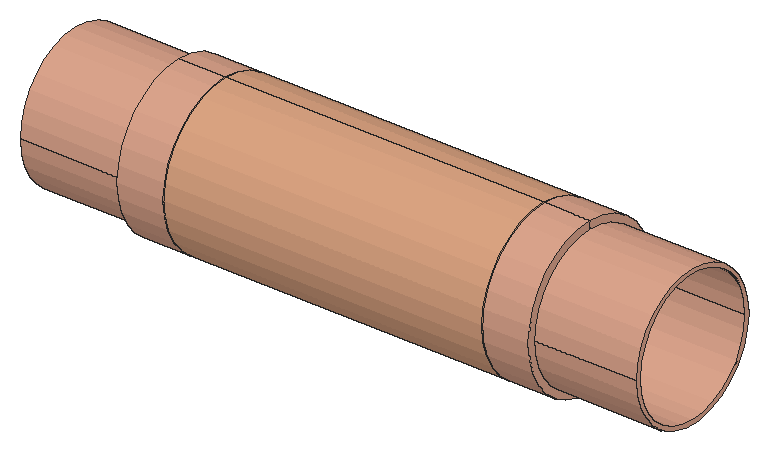
Revit family "35S Flex Connector", category Pipe Accessories, Revit 2018
Family settings
  Round Connector Dimension = Use Diameter
  Part Type = Valve - Breaks Into
  Work Plane-Based = No
  Always vertical = Yes
  Cut with Voids When Loaded = No
  Shared = No
Parameters (values of type "35S Flex Connector")
  void1 [instance] = 0.02054"
  pipe radius [instance] = Pipe Diameter / 2  # 1.1875"
  Weight [instance] = size_lookup(LookupTable, "Weight", "NA", Nominal Diameter)  # "2.13 lbs."
  URL = "http://www.fnw.com"
  Standards Lookup Table = "Standards"  # constant formula
  R2 [instance] = size_lookup(LookupTable, "R2", 0.000", Nominal Diameter)  # 1.3125"
  R1 [instance] = size_lookup(LookupTable, "R1", 0.000", Nominal Diameter)  # 1.1215"
  Product ID [instance] = size_lookup(LookupTable, "ProductID", "NA", Nominal Diameter)  # "2168666"
  Pipe Diameter [instance] = size_lookup(Standards Lookup Table, "pipe_dia", 0.000", Nominal Diameter)  # 2.375"
  Part Number [instance] = size_lookup(LookupTable, "PartNumber", "NA", Nominal Diameter)  # "FNW35SK"
  Nominal Diameter [instance] = 2"
  LookupTable = "35S Flex Connector"  # constant formula
  L3 [instance] = size_lookup(LookupTable, "L3", 0.000", Nominal Diameter)  # 1.750"
  L2 [instance] = size_lookup(LookupTable, "L2", 0.000", Nominal Diameter)  # 5.430"
  L1 [instance] = size_lookup(LookupTable, "L1", 0.000", Nominal Diameter)  # 10.500"
  Description BOM [instance] = size_lookup(LookupTable, "Description_BOM", "NA", Nominal Diameter)  # "2 X 10-1/2 Bronze Flexible Connector With Sweat"
Reference planes (in)
  plane 1 "Center (Front/Back)": y = 0
  plane 2: z = 0
  plane 3 "Center (Left/Right)": x = 0
  plane 4: z = 1.1875
  plane 5: x = -5.25
  plane 6: x = 5.25
  plane 7: z = 1.1215
  plane 8: x = -3.5
  plane 9: x = 3.5
  plane 10: x = -2.715
  plane 11: x = 2.715
  plane 12: z = 1.3125
Forms (in)
  Extrusion 1, solid, material "Copper"
    sketch origin (0, 0, 0) x (0, 1, 0) y (0, 0, 1)
      loop
        circle (0, 0) r 1.1875
      loop
        circle (0, 0) r 1.1215
    from -5.25 to -3.5
  Extrusion 2, solid, material "Copper"
    sketch origin (0, 0, 0) x (0, 1, 0) y (0, 0, -1)
      loop
        circle (0, 0) r 1.1875
      loop
        circle (0, 0) r 1.1215
    from -5.25 to -3.5
  Revolve 3, solid, material "Braid Copper"
    sketch origin (0, 0, 0) x (1, 0, 0) y (0, 0, 1)
      loop
        line (-2.715, 1.3125) -> (-2.715, 0) -> (2.715, 0) -> (2.715, 1.3125) -> (-2.715, 1.3125)
      axis (-2.715, 0) -> (2.715, 0)
    angle from 0 to 360
  Revolve 4, solid, material "Copper"
    sketch origin (0, 0, 0) x (1, 0, 0) y (0, 0, 1)
      loop
        line (-3.5, 1.3125) -> (-3.5, 0) -> (-2.715, 0) -> (-2.715, 1.3125) -> (-3.5, 1.3125)
      loop
        line (2.715, 1.3125) -> (2.715, 0) -> (3.5, 0) -> (3.5, 1.3125) -> (2.715, 1.3125)
      axis (-3.5, 0) -> (3.5, 0)
    angle from 0 to 360
Text (in)
  text "1/2\" shown" at (6.42733, 0, -3.28939), in view "Front"
Dimensions and locks (in)
  equal spacing: plane 6, plane 3 "Center (Left/Right)", plane 5
  "L1": plane 6 to plane 5
  "pipe radius": plane 4 to plane 2
  "R1": plane 7 to plane 2
  "L3": plane 8 to plane 5
  "L3": plane 6 to plane 9
  equal spacing: plane 11, plane 3 "Center (Left/Right)", plane 10
  "L2": plane 10 to plane 11
  "R2": plane 12 to plane 2
  "pipe radius": radius of Extrusion 1 sketch curve
  "R1": radius of Extrusion 1 sketch curve
  "pipe radius": radius of Extrusion 2 sketch curve
  "R1": radius of Extrusion 2 sketch curve
  aligned and locked: plane 2 to level
  aligned and locked: Extrusion 1 to plane 5
  aligned and locked: plane 8 to Extrusion 1
  aligned and locked: plane 6 to Extrusion 2
  aligned and locked: Extrusion 2 to plane 9
  aligned and locked: Revolve 3 sketch curve to plane 12
  aligned and locked: plane 10 to Revolve 3 sketch curve
  aligned and locked: plane 2 to Revolve 3 sketch curve
  aligned and locked: plane 11 to Revolve 3 sketch curve
  aligned and locked: Revolve 4 sketch curve to plane 12  (x2)
  aligned and locked: Extrusion 1 to Revolve 4 sketch curve
  aligned and locked: Revolve 4 sketch curve to plane 10
  aligned and locked: Revolve 4 sketch curve to plane 11
  aligned and locked: Revolve 4 sketch curve to Extrusion 2
  aligned and locked: plane 2 to Revolve 4 sketch curve  (x2)
Automatic sketch dimensions
  Revolve 3 sketch curve to level = 0.000"
  Revolve 3 sketch curve to Revolve 3 sketch curve = 1.61154"
  plane 3 "Center (Left/Right)" to Revolve 3 sketch curve = 1.11097"
  Revolve 4 sketch curve to level = 0.000"
  Revolve 4 sketch curve to Revolve 4 sketch curve = 1.250"
  plane 3 "Center (Left/Right)" to Revolve 4 sketch curve = 0.99943"
  Extrusion 1 sketch curve to Extrusion 1 sketch curve = 0.000"  (x2)
  Extrusion 1 sketch curve to level = 0.000"
  Extrusion 1 sketch curve to plane 1 "Center (Front/Back)" = 0.000"
  Extrusion 2 sketch curve to Extrusion 2 sketch curve = 0.000"  (x2)
  Extrusion 2 sketch curve to level = 0.000"
  Extrusion 2 sketch curve to plane 1 "Center (Front/Back)" = 0.000"
Connectors (in)
  piping at (-5.25, 0, 0), diameter 2, driven by "Nominal Diameter"
    settings: on Extrusion 1, index 1, connector inside diameter 24", connector length 0.000", flow factor 0, pipe flow 0 GPM, pressure drop 0.00 psi, fitting loss kfactor 0, connector angle 0.00°, fixture units 0, engagement length 0.000", angle of deflection 0.00°, flow configuration 0, flow direction 0, fitting loss method 0, system type 29, joint type 0, gender type 0, connector reference index -1, connector utility 0, adjustable connector no, is connector primary yes, connector description ""
  piping at (5.25, 0, 0), diameter 2, driven by "Nominal Diameter"
    settings: on Extrusion 2, index 2, connector inside diameter 24", connector length 0.000", flow factor 0, pipe flow 0 GPM, pressure drop 0.00 psi, fitting loss kfactor 0, connector angle 0.00°, fixture units 0, engagement length 0.000", angle of deflection 0.00°, flow configuration 0, flow direction 0, fitting loss method 0, system type 29, joint type 0, gender type 0, connector reference index -1, connector utility 0, adjustable connector no, is connector primary no, connector description ""
